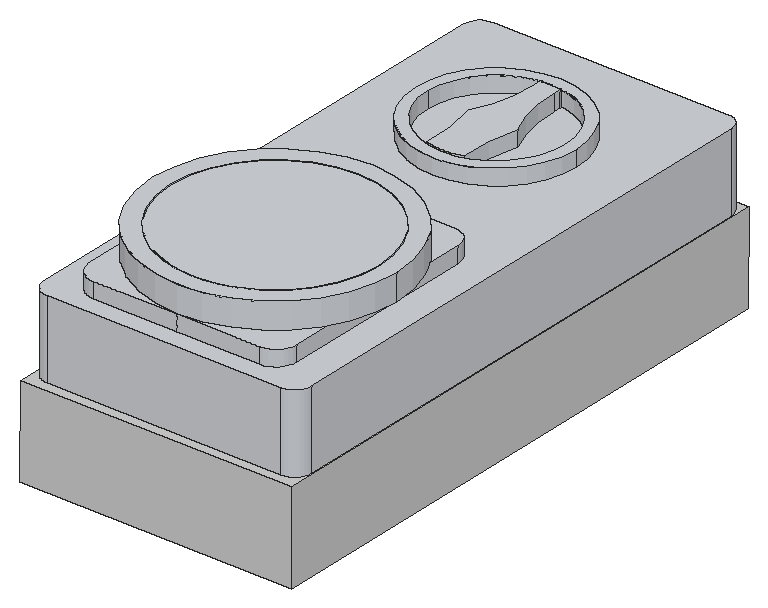
Revit family "Building-ConnessioniIEC309-GEWISS-67IB-PRESE-INTERBLOCCATE_IP67_CON_FONDO_FUS", category Apparecchi elettrici, host Superficie, Revit 2019
Family settings
  Host = Superficie
  Mantenere orientamento annotazione = Sì
  Quota connettore circolare = Usa diametro
  Tipo di parte = Normale
  Taglio con vuoti quando caricato = Sì
  Condiviso = Sì
  Punto di calcolo locali = Sì
Parameters (values of type "GW66258N - PR.BL IP67 C.F.3P+T 32A 380V 3H CBF")
  presa = Grigio RAL - 7035
  giallo = 0 mm
  dist_piano [instance] = 80 mm
  Vista_2d_pianta [instance] = yes
  Versione file RFA = "21.4"
  URL = "https://www.gewiss.com/it/it"
  Tipologia = "Verticale"
  Tipo fusibile = "Ø 10,3x38 mm"
  Termopressione con biglia = "125 °C (Presa IB) - 80 °C (Cassetta di fondo)"
  Tensione nominale: = "380 - 440 V"
  Tensione nominale di tenuta ad impulso = "4KV"
  Tensione nominale di isolamento (Ui) = "500V"
  Tensione nominale = "380 - 440 V"
  Temperatura di utilizzo = "-25 +40 °C"
  Temperatura di funzionamento = "-25 ÷ +40 °C"
  Struttura = Grigio RAL - 7035
  Simbolo presa = PRESAINDSTAGNA : 3P
  Simbolo [instance] = yes
  Simb_circuito [instance] = not(Simbolo)  # no
  Scheda Tecnica = "https://www.gewiss.com/it/it/search?q=GW66258N"
  SEO = "Presa"
  Riferimento h = "3"
  Resistenza agli urti = "IK08"
  Protezione = "Base portafusibile (CBF)"
  Default Elevation = 1219.2 mm
  Produttore = "GEWISS S.p.A."
  Potere di interruzione fusibili = "> 50 kA"
  Peso (kg) = "Max. 1,1 Kg"
  Peso = "Max. 1,1 Kg"
  Numero di poli = "3P+T"
  N. poli = "3P+T"
  Modello = "GW66258N"
  Immagine tipo = I.jpg
  IDT = "3a2f285e-e7b7-489c-a67e-4c14f132aefb"
  IDF = "f60054a8-4916-4fde-b3af-4822cbe090e7"
  Grado di protezione = "IP67"
  Glow wire test: = "850 °C (Presa IB) - 650 °C (Cassetta di fondo)"
  Glow Wire Test = "850 °C (Presa IB) - 650 °C (Cassetta di fondo)"
  Frequenza nominale (Hz) = "50/60 Hz"
  Frequenza = "50/60 Hz"
  Distanza x [instance] = -500 mm
  Distanza orizzontale simbolo [instance] = 100 mm
  Distanza effettiva x [instance] = 1500 mm - Distanza x  # 2000 mm
  Descrizione = "PR.BL IP67 C.F.3P+T 32A 380V 3H CBF"
  Creato da GEWISS S.p.A. = ""
  Corrente nominale di cortocircuito (Icc) = "10KA"
  Corrente nominale (In) presa IB = "28A"
  Corrente nominale (In) = "32"
  Corrente nominale (A) = "32"
  Corpo presa = Grigio RAL - 7035
  Cornice simbolo [instance] = yes
  Con fondo = "Si"
  Colore: = "Rosso"
  Colore = "Rosso"
  Codice Electrocod = "2222"
  Codice EAN = "8011564741539"
  Catalogo Serie = "67 IB"
  Catalogo = "BUILDING"
  COBie.Tagnumber = ""
  COBie.CreatedOn = ""
  COBie.CreatebBy = ""
  COBie.ComponentRegisterItemID = ""
  COBie.Component.TagNumber = ""
  COBie.Component.Space = ""
  COBie.Component.SerialNumber = ""
  COBie.Component.InstallationDate = ""
  COBie.Component.Description = ""
  COBie.Component.BarCode = ""
Types (23, lengths in mm): name | Tensione nominale: | Tensione nominale | Scheda Tecnica | Riferimento h | Peso (kg) | Peso | Numero di poli | N. poli | Modello | IDT | Descrizione | Corrente nominale (In) presa IB | Corrente nominale (In) | Corrente nominale (A) | Colore: | Colore | Codice EAN
  GW66223N - PR.BL IP67 C.F.2P+T 16A 110V 4H CBF | "100 - 130 V" | "100 - 130 V" | "https://www.gewiss.com/it/it/search?q=GW66223N" | "4" | "Max. 1,0 Kg" | "Max. 1,0 Kg" | "2P+T" | "2P+T" | "GW66223N" | "fa4eed03-31d8-4e28-a64f-20b019a506a7" | "PR.BL IP67 C.F.2P+T 16A 110V 4H CBF" | "16A" | "16" | "16" | "Giallo" | "Giallo" | "8011564741331"
  GW66224N - PR.BL IP67 C.F.3P+T 16A 110V 4H CBF | "100 - 130 V" | "100 - 130 V" | "https://www.gewiss.com/it/it/search?q=GW66224N" | "4" | "Max. 1,0 Kg" | "Max. 1,0 Kg" | "3P+T" | "3P+T" | "GW66224N" | "0a564fa3-3cef-4da4-9551-f50528e316ea" | "PR.BL IP67 C.F.3P+T 16A 110V 4H CBF" | "16A" | "16" | "16" | "Giallo" | "Giallo" | "8011564741348"
  GW66225N - PR.BL IP67 C.F.3P+N+T 16A 110V 4H CBF | "100 - 130 V" | "100 - 130 V" | "https://www.gewiss.com/it/it/search?q=GW66225N" | "4" | "Max. 1,0 Kg" | "Max. 1,0 Kg" | "3P+N+T" | "3P+N+T" | "GW66225N" | "988cc2de-b53f-436f-a8c9-de4916e125bc" | "PR.BL IP67 C.F.3P+N+T 16A 110V 4H CBF" | "16A" | "16" | "16" | "Giallo" | "Giallo" | "8011564741355"
  GW66226N - PR.BL IP67 C.F.2P+T 16A 230V 6H CBF | "200 - 250 V" | "200 - 250 V" | "https://www.gewiss.com/it/it/search?q=GW66226N" | "6" | "Max. 1,0 Kg" | "Max. 1,0 Kg" | "2P+T" | "2P+T" | "GW66226N" | "b9aec1ad-43a6-46ee-b8b7-fce0cc6f14b6" | "PR.BL IP67 C.F.2P+T 16A 230V 6H CBF" | "16A" | "16" | "16" | "Blu" | "Blu" | "8011564741362"
  GW66227N - PR.BL IP67 C.F.3P+T 16A 230V 9H CBF | "200 - 250 V" | "200 - 250 V" | "https://www.gewiss.com/it/it/search?q=GW66227N" | "9" | "Max. 1,0 Kg" | "Max. 1,0 Kg" | "3P+T" | "3P+T" | "GW66227N" | "52961728-1365-4bcc-bc75-4a28eb228f0f" | "PR.BL IP67 C.F.3P+T 16A 230V 9H CBF" | "16A" | "16" | "16" | "Blu" | "Blu" | "8011564741379"
  GW66228N - PR.BL IP67 C.F.3P+N+T 16A 230V 9H CBF | "200 - 250 V" | "200 - 250 V" | "https://www.gewiss.com/it/it/search?q=GW66228N" | "9" | "Max. 1,0 Kg" | "Max. 1,0 Kg" | "3P+N+T" | "3P+N+T" | "GW66228N" | "ac9b5afc-50ac-427e-bce5-7a54d7f5dc44" | "PR.BL IP67 C.F.3P+N+T 16A 230V 9H CBF" | "16A" | "16" | "16" | "Blu" | "Blu" | "8011564741386"
  GW66229N - PR.BL IP67 C.F.2P+T 16A 400V 9H CBF | "380 - 415 V" | "380 - 415 V" | "https://www.gewiss.com/it/it/search?q=GW66229N" | "9" | "Max. 1,0 Kg" | "Max. 1,0 Kg" | "2P+T" | "2P+T" | "GW66229N" | "9c62276f-1e71-4292-be15-fc32e9fcd854" | "PR.BL IP67 C.F.2P+T 16A 400V 9H CBF" | "16A" | "16" | "16" | "Rosso" | "Rosso" | "8011564741393"
  GW66230N - PR.BL IP67 C.F.3P+T 16A 400V 6H CBF | "380 - 415 V" | "380 - 415 V" | "https://www.gewiss.com/it/it/search?q=GW66230N" | "6" | "Max. 1,0 Kg" | "Max. 1,0 Kg" | "3P+T" | "3P+T" | "GW66230N" | "0ff9f2ea-39b8-42c3-a8e8-22c46614b70e" | "PR.BL IP67 C.F.3P+T 16A 400V 6H CBF" | "16A" | "16" | "16" | "Rosso" | "Rosso" | "8011564741409"
  GW66231N - PR.BL IP67 C.F.3P+N+T 16A 400V 6H CBF | "380 - 415 V" | "380 - 415 V" | "https://www.gewiss.com/it/it/search?q=GW66231N" | "6" | "Max. 1,0 Kg" | "Max. 1,0 Kg" | "3P+N+T" | "3P+N+T" | "GW66231N" | "150c8f31-35c1-4f26-9038-fd5d716b04a4" | "PR.BL IP67 C.F.3P+N+T 16A 400V 6H CBF" | "16A" | "16" | "16" | "Rosso" | "Rosso" | "8011564742543"
  GW66232N - PR.BL IP67 C.F.3P+T 16A 500V 7H CBF | "480 - 500 V" | "480 - 500 V" | "https://www.gewiss.com/it/it/search?q=GW66232N" | "7" | "Max. 1,0 Kg" | "Max. 1,0 Kg" | "3P+T" | "3P+T" | "GW66232N" | "7a81db9b-2ce7-4dae-922b-794821e35afb" | "PR.BL IP67 C.F.3P+T 16A 500V 7H CBF" | "16A" | "16" | "16" | "Nero" | "Nero" | "8011564741416"
  GW66233N - PR.BL IP67 C.F.3P+N+T 16A 500V 7H CBF | "480 - 500 V" | "480 - 500 V" | "https://www.gewiss.com/it/it/search?q=GW66233N" | "7" | "Max. 1,0 Kg" | "Max. 1,0 Kg" | "3P+N+T" | "3P+N+T" | "GW66233N" | "0c4c7745-404c-4ff8-88f7-8631fd7168d2" | "PR.BL IP67 C.F.3P+N+T 16A 500V 7H CBF" | "16A" | "16" | "16" | "Nero" | "Nero" | "8011564741423"
  GW66234N - PR.BL IP67 C.F.2P+T 32A 110V 4H CBF | "100 - 130 V" | "100 - 130 V" | "https://www.gewiss.com/it/it/search?q=GW66234N" | "4" | "Max. 1,1 Kg" | "Max. 1,1 Kg" | "2P+T" | "2P+T" | "GW66234N" | "a99f150c-cc79-4c38-9ac9-617582887cf3" | "PR.BL IP67 C.F.2P+T 32A 110V 4H CBF" | "32A" | "32" | "32" | "Giallo" | "Giallo" | "8011564741430"
  GW66235N - PR.BL IP67 C.F.3P+T 32A 110V 4H CBF | "100 - 130 V" | "100 - 130 V" | "https://www.gewiss.com/it/it/search?q=GW66235N" | "4" | "Max. 1,1 Kg" | "Max. 1,1 Kg" | "3P+T" | "3P+T" | "GW66235N" | "3a26cec9-b531-4f44-a95a-444ca4e9b113" | "PR.BL IP67 C.F.3P+T 32A 110V 4H CBF" | "28A" | "32" | "32" | "Giallo" | "Giallo" | "8011564741447"
  GW66236N - PR.BL IP67 C.F.3P+N+T 32A 110V 4H CBF | "100 - 130 V" | "100 - 130 V" | "https://www.gewiss.com/it/it/search?q=GW66236N" | "4" | "Max. 1,1 Kg" | "Max. 1,1 Kg" | "3P+N+T" | "3P+N+T" | "GW66236N" | "69dcfa51-02d3-46f6-bbba-2f44a5752abe" | "PR.BL IP67 C.F.3P+N+T 32A 110V 4H CBF" | "28A" | "32" | "32" | "Giallo" | "Giallo" | "8011564741454"
  GW66237N - PR.BL IP67 C.F.2P+T 32A 230V 6H CBF | "200 - 250 V" | "200 - 250 V" | "https://www.gewiss.com/it/it/search?q=GW66237N" | "6" | "Max. 1,1 Kg" | "Max. 1,1 Kg" | "2P+T" | "2P+T" | "GW66237N" | "24dfdfda-2efd-477f-97f3-f8cbd7e435df" | "PR.BL IP67 C.F.2P+T 32A 230V 6H CBF" | "32A" | "32" | "32" | "Blu" | "Blu" | "8011564742550"
  GW66238N - PR.BL IP67 C.F.3P+T 32A 230V 9H CBF | "200 - 250 V" | "200 - 250 V" | "https://www.gewiss.com/it/it/search?q=GW66238N" | "9" | "Max. 1,1 Kg" | "Max. 1,1 Kg" | "3P+T" | "3P+T" | "GW66238N" | "f90cc02e-777a-41ae-b548-d4c8d901f4bd" | "PR.BL IP67 C.F.3P+T 32A 230V 9H CBF" | "28A" | "32" | "32" | "Blu" | "Blu" | "8011564741461"
  GW66239N - PR.BL IP67 C.F.3P+N+T 32A 230V 9H CBF | "200 - 250 V" | "200 - 250 V" | "https://www.gewiss.com/it/it/search?q=GW66239N" | "9" | "Max. 1,1 Kg" | "Max. 1,1 Kg" | "3P+N+T" | "3P+N+T" | "GW66239N" | "82be392f-ab5c-42ac-9702-8243f18e5e05" | "PR.BL IP67 C.F.3P+N+T 32A 230V 9H CBF" | "28A" | "32" | "32" | "Blu" | "Blu" | "8011564741478"
  GW66240N - PR.BL IP67 C.F.2P+T 32A 400V 9H CBF | "380 - 415 V" | "380 - 415 V" | "https://www.gewiss.com/it/it/search?q=GW66240N" | "9" | "Max. 1,1 Kg" | "Max. 1,1 Kg" | "2P+T" | "2P+T" | "GW66240N" | "70891f68-9d11-4e15-9055-6e459ec33866" | "PR.BL IP67 C.F.2P+T 32A 400V 9H CBF" | "32A" | "32" | "32" | "Rosso" | "Rosso" | "8011564741485"
  GW66241N - PR.BL IP67 C.F.3P+T 32A 400V 6H CBF | "380 - 415 V" | "380 - 415 V" | "https://www.gewiss.com/it/it/search?q=GW66241N" | "6" | "Max. 1,1 Kg" | "Max. 1,1 Kg" | "3P+T" | "3P+T" | "GW66241N" | "95c862d1-6ea5-46a8-95f4-fd8421981ece" | "PR.BL IP67 C.F.3P+T 32A 400V 6H CBF" | "28A" | "32" | "32" | "Rosso" | "Rosso" | "8011564741492"
  GW66242N - PR.BL IP67 C.F.3P+N+T 32A 400V 6H CBF | "380 - 415 V" | "380 - 415 V" | "https://www.gewiss.com/it/it/search?q=GW66242N" | "6" | "Max. 1,1 Kg" | "Max. 1,1 Kg" | "3P+N+T" | "3P+N+T" | "GW66242N" | "f6a8ac16-9c06-4f19-b1c4-9672fdc5f555" | "PR.BL IP67 C.F.3P+N+T 32A 400V 6H CBF" | "28A" | "32" | "32" | "Rosso" | "Rosso" | "8011564742567"
  GW66243N - PR.BL IP67 C.F.3P+T 32A 500V 7H CBF | "480 - 500 V" | "480 - 500 V" | "https://www.gewiss.com/it/it/search?q=GW66243N" | "7" | "Max. 1,1 Kg" | "Max. 1,1 Kg" | "3P+T" | "3P+T" | "GW66243N" | "f6ce0a0c-3cde-4b8c-ad31-0f382c507b8d" | "PR.BL IP67 C.F.3P+T 32A 500V 7H CBF" | "28A" | "32" | "32" | "Nero" | "Nero" | "8011564741508"
  GW66244N - PR.BL IP67 C.F.3P+N+T 32A 500V 7H CBF | "480 - 500 V" | "480 - 500 V" | "https://www.gewiss.com/it/it/search?q=GW66244N" | "7" | "Max. 1,1 Kg" | "Max. 1,1 Kg" | "3P+N+T" | "3P+N+T" | "GW66244N" | "375c8392-af65-45a1-933e-8de0f1dcd445" | "PR.BL IP67 C.F.3P+N+T 32A 500V 7H CBF" | "28A" | "32" | "32" | "Nero" | "Nero" | "8011564741515"
  GW66258N - PR.BL IP67 C.F.3P+T 32A 380V 3H CBF | "380 - 440 V" | "380 - 440 V" | "https://www.gewiss.com/it/it/search?q=GW66258N" | "3" | "Max. 1,1 Kg" | "Max. 1,1 Kg" | "3P+T" | "3P+T" | "GW66258N" | "3a2f285e-e7b7-489c-a67e-4c14f132aefb" | "PR.BL IP67 C.F.3P+T 32A 380V 3H CBF" | "28A" | "32" | "32" | "Rosso" | "Rosso" | "8011564741539"
Reference planes
  plane 1 "Centro (Fronte/Retro)": y = 0
  plane 2: z = 0
  plane 3 "Centro (Sinistra/Destra)": x = 0
  plane 4: z = -2
  plane 5: x = 500
  plane 6: x = -1500
  plane 7: x = 500
  plane 8: through (-170.762, -4572, -38.353) normal (-0.6157, 0, 0.788)
  plane 9: x = -51.152
  plane 10: x = 53.222
  plane 11: z = 113
  plane 12: y = -110
  plane 13: y = 110
  plane 14: z = 78
  plane 15: z = 160
Forms (mm)
  Extrusion 1, solid, detail levels coarse
    sketch origin (0, 0, 0) x (1, 0, 0) y (0, 0, 1)
      loop
        line (-51.152, 160) -> (-51.152, 78) -> (53.222, 78) -> (53.222, 160) -> (-51.152, 160)
    from -108.895 to 109.105
  Extrusion 2, solid, material "Grigio RAL - 7035" <- "Struttura"
    sketch origin (0, 0, 0) x (0, 1, 0) y (0, 0, 1)
      loop
        line (-110, 78) -> (110, 78) -> (110, 113) -> (-110, 113) -> (-110, 78)
    from -51.152 to 53.222
Lines and regions (mm)
  Masking region 1, visible <- "Vista_2d_pianta"
    outline origin (0, 0, 0) x (1, 0, 0) y (0, 0, 1)
      loop
        line (-50.384, 143) -> (-50.384, 113) -> (52.616, 113) -> (52.616, 143) -> (-50.384, 143)
  Masking region 2, visible <- "Vista_2d_pianta"
    outline origin (0, 0, 0) x (1, 0, 0) y (0, 0, 1)
      loop
        line (-40, 149) -> (-40, 143) -> (40, 143) -> (40, 149) -> (-40, 149)
  Masking region 3, visible <- "Vista_2d_pianta"
    outline origin (0, 0, 0) x (1, 0, 0) y (0, 0, 1)
      loop
        line (-46.899, 149) -> (46.899, 149) -> (46.899, 159) -> (-46.899, 159) -> (-46.899, 149)
  Masking region 4, visible <- "Vista_2d_pianta"
    outline origin (0, 0, 0) x (1, 0, 0) y (0, 0, 1)
      loop
        line (-51.152, 78) -> (53.222, 78) -> (53.222, 113) -> (-51.152, 113) -> (-51.152, 78)
Dimensions and locks
  locked: plane 2 to plane 4 at 2
  "Distanza effettiva x": plane 5 to plane 6
  plane 3 "Centro (Sinistra/Destra)" to plane 6 = 1500 mm
  plane 6 to plane 5 = 2000 mm
  "Distanza effettiva x": plane 6 to plane 7
  locked: plane 9 to Masking region 1 at 0.768
  locked: Masking region 1 to plane 10 at 0.606
  "dist_piano": plane 14 to plane 4
  equal spacing: plane 12, plane 1 "Centro (Fronte/Retro)", plane 13
  locked: plane 12 to plane 13 at 220
  locked: plane 11 to plane 14 at 35
  locked: plane 15 to plane 11 at 47
  angle plane 8 to plane 4 = 142.00°
  angle plane 7 to plane 8 = 128.00°
  aligned and locked: plane 2 to host face
  aligned and locked: level to host face
  aligned and locked: plane 3 "Centro (Sinistra/Destra)" to nested 1
  aligned and locked: Masking region 1 sketch curve to nested 1  (x4)
  aligned and locked: Masking region 2 sketch curve to nested 1  (x4)
  aligned and locked: plane 9 to Extrusion 1 sketch curve
  aligned and locked: plane 10 to Extrusion 1 sketch curve
  aligned and locked: nested 1 to plane 11
  aligned and locked: Masking region 3 sketch curve to nested 1  (x4)
  aligned and locked: Extrusion 2 sketch curve to plane 14
  aligned and locked: Extrusion 2 sketch curve to plane 12
  aligned and locked: Extrusion 2 sketch curve to plane 11
  aligned and locked: Extrusion 2 sketch curve to plane 13
  aligned and locked: plane 9 to Extrusion 2
  aligned and locked: Extrusion 2 to plane 10
  aligned and locked: Extrusion 1 to plane 14
  aligned and locked: Masking region 4 sketch curve to Extrusion 1
  aligned and locked: Extrusion 1 to Masking region 4 sketch curve
  aligned and locked: Masking region 4 sketch curve to Extrusion 2  (x2)
  aligned and locked: plane 15 to Extrusion 1
  aligned and locked: plane 7 to nested 2
  aligned and locked: plane 7 to nested 3
Automatic sketch dimensions
  host sketch curve to host sketch curve = 2438.4 mm  (x2)
  Extrusion 1 sketch curve to plane 11 = 35 mm
  plane 11 to Extrusion 1 sketch curve = 47 mm
Nested families
  nested 1: "IB PRESE INTERBLOC VERT_NO FONDO" at (0, 0, 113), type "IB PRESE INTERBLOC VERT_NO FONDO", detail levels medium+fine
  nested 2: "simbolo_circuito" at (500, 30.442, 0), Distanza dal muro <- "Distanza orizzontale simbolo", SIMBOLO ACCESO <- "Simb_circuito", type "3P"
    with SIMBOLO ACCESO no, Distanza dal muro 100 mm, BORDO ACCESO yes
  nested 3: "PRESAINDSTAGNA" at (500, 23.722, 0), Distanza dal muro <- "Distanza orizzontale simbolo", SIMBOLO ACCESO <- "Simbolo", type "3P"
    with SIMBOLO ACCESO yes, Distanza dal muro 100 mm, BORDO ACCESO yes
Definition of nested family "IB PRESE INTERBLOC VERT_NO FONDO"
  Parameters (values of type "IB PRESE INTERBLOC VERT_NO FONDO")
    corpo presa = none
    Struttura = none
    Spessore = 30 mm
    Raggio = 40 mm
    Default Elevation = 14 mm
    Presa = none
    Lunghezza = 103 mm
    IFC.TypeObject = ""
    IFC.ExportType = ""
    IFC.ExportAs = ""
    H_da terra = 586.883 mm
    COBie.CreatedOn = ""
    COBie.CreatebBy = ""
    COBie.ComponentRegisterItemID = ""
    COBie.Component.TagNumber = ""
    COBie.Component.Space = ""
    COBie.Component.SerialNumber = ""
    COBie.Component.InstallationDate = ""
    COBie.Component.Description = ""
    COBie.Component.BarCode = ""
    Altezza = 220 mm
  Reference planes
    plane 1 "Centro (Fronte/Retro)": y = 0
    plane 2: z = 0
    plane 3 "Centro (Sinistra/Destra)": x = 0
    plane 4: z = 6.883
    plane 5: z = 10.499
    plane 6 "presa": z = 46
    plane 7: z = 36
    plane 8: z = 30
    plane 9: x = -40
    plane 10: x = 40
    plane 11: y = -5.355
    plane 12: y = -98.612
    plane 13: y = -51.359
  Forms (mm)
    Extrusion 1, solid, material <- "Struttura"
      sketch origin (0, -697.104, -30) x (1, 0, 0) y (0, 1, 0)
        loop
          line (-0.408, 691.748) -> (-32.003, 691.748)
          spline (-32.003, 691.748) -> (-33.047, 691.681) -> (-34.073, 691.48) -> (-35.063, 691.148) -> (-36.002, 690.693) -> (-36.871, 690.12) -> (-37.658, 689.441) -> (-38.347, 688.666) -> (-38.929, 687.809) -> (-39.391, 686.885) -> (-39.728, 685.909) -> (-39.932, 684.898) -> (-40, 683.87)
          line (-40, 683.87) -> (-40, 606.37)
          spline (-40, 606.37) -> (-39.932, 605.341) -> (-39.728, 604.331) -> (-39.391, 603.355) -> (-38.929, 602.43) -> (-38.347, 601.574) -> (-37.658, 600.799) -> (-36.871, 600.119) -> (-36.002, 599.547) -> (-35.063, 599.091) -> (-34.073, 598.76) -> (-33.047, 598.559) -> (-32.003, 598.491)
          line (-32.003, 598.491) -> (0, 598.491) -> (32.003, 598.491)
          spline (32.003, 598.491) -> (33.047, 598.559) -> (34.073, 598.76) -> (35.063, 599.091) -> (36.002, 599.547) -> (36.871, 600.119) -> (37.658, 600.799) -> (38.347, 601.574) -> (38.929, 602.43) -> (39.391, 603.355) -> (39.728, 604.331) -> (39.932, 605.341) -> (40, 606.37)
          line (40, 606.37) -> (40, 683.87)
          spline (40, 683.87) -> (39.932, 684.898) -> (39.728, 685.909) -> (39.391, 686.885) -> (38.929, 687.809) -> (38.347, 688.666) -> (37.658, 689.441) -> (36.871, 690.12) -> (36.002, 690.693) -> (35.063, 691.148) -> (34.073, 691.48) -> (33.047, 691.681) -> (32.003, 691.748)
          line (32.003, 691.748) -> (-0.408, 691.748)
      from 60 to 66
    Extrusion 2, solid, material <- "Presa"
      sketch origin (0, -700.854, -30) x (1, 0, 0) y (0, 1, 0)
        loop
          circle (0, 649.495) r 46.899
        loop
          circle (0, 649.495) r 40
      from 66 to 76
    Extrusion 3, solid, material <- "Struttura"
      sketch origin (0, -697.104, -30) x (1, 0, 0) y (0, 1, 0)
        loop
          circle (0, 752.384) r 30.831
        loop
          circle (0, 752.384) r 26.483
      from 60 to 66
    Extrusion 4, solid, material <- "Struttura"
      sketch origin (0, -697.104, -30) x (1, 0, 0) y (0, 1, 0)
        loop
          arc (-9.552, 750.899) -> (-7.429, 739.645) -> (-7.314, 728.193) r 64.983
          arc (-7.314, 728.193) -> (-0.131, 727.067) -> (7.064, 728.115) r 24.316
          arc (7.064, 728.115) -> (7.302, 739.566) -> (9.547, 750.796) r 64.983
          arc (9.547, 750.796) -> (5.519, 762.425) -> (4.215, 774.661) r 54.251
          line (4.215, 774.661) -> (4.25, 777.658)
          arc (4.25, 777.658) -> (3.985, 778.329) -> (3.336, 778.647) r 1
          arc (3.336, 778.647) -> (0.147, 778.794) -> (-3.043, 778.682) r 39.364
          arc (-3.043, 778.682) -> (-3.695, 778.371) -> (-3.967, 777.702) r 1
          line (-3.967, 777.702) -> (-3.964, 774.706)
          arc (-3.964, 774.706) -> (-5.4, 762.483) -> (-9.552, 750.899) r 54.251
      from 60 to 66
    Extrusion 5, solid, material <- "corpo presa"
      sketch origin (-2.5, -699.604, -30) x (1, 0, 0) y (0, 1, 0)
        loop
          arc (55.116, 802.193) -> (53.269, 806.652) -> (48.81, 808.499) r 6.306
          line (48.81, 808.499) -> (-41.578, 808.499)
          arc (-41.578, 808.499) -> (-46.037, 806.652) -> (-47.884, 802.193) r 6.306
          line (-47.884, 802.193) -> (-47.884, 600.052)
          arc (-47.884, 600.052) -> (-45.976, 595.446) -> (-41.369, 593.537) r 6.515
          line (-41.369, 593.537) -> (48.601, 593.537)
          arc (48.601, 593.537) -> (53.208, 595.446) -> (55.116, 600.052) r 6.515
          line (55.116, 600.052) -> (55.116, 802.193)
      from 30 to 60
    Extrusion 6, solid, material <- "Struttura", not visible
      sketch origin (0, 47.014, -580) x (1, 0, 0) y (0, 0, 1)
        loop
          line (-0.408, 691.748) -> (-29.506, 691.748)
          spline (-29.506, 691.748) -> (-30.55, 691.681) -> (-31.576, 691.48) -> (-32.567, 691.148) -> (-33.505, 690.693) -> (-34.375, 690.12) -> (-35.161, 689.441) -> (-35.851, 688.666) -> (-36.432, 687.809) -> (-36.895, 686.885) -> (-37.231, 685.909) -> (-37.435, 684.898) -> (-37.503, 683.87)
          line (-37.503, 683.87) -> (-37.503, 615.12)
          spline (-37.503, 615.12) -> (-37.435, 614.091) -> (-37.231, 613.081) -> (-36.895, 612.105) -> (-36.432, 611.18) -> (-35.851, 610.324) -> (-35.161, 609.549) -> (-34.375, 608.869) -> (-33.505, 608.297) -> (-32.567, 607.841) -> (-31.576, 607.51) -> (-30.55, 607.309) -> (-29.506, 607.241)
          line (-29.506, 607.241) -> (0, 607.241) -> (29.506, 607.241)
          spline (29.506, 607.241) -> (30.55, 607.309) -> (31.576, 607.51) -> (32.567, 607.841) -> (33.505, 608.297) -> (34.375, 608.869) -> (35.161, 609.549) -> (35.851, 610.324) -> (36.432, 611.18) -> (36.895, 612.105) -> (37.231, 613.081) -> (37.435, 614.091) -> (37.503, 615.12)
          line (37.503, 615.12) -> (37.503, 683.87)
          spline (37.503, 683.87) -> (37.435, 684.898) -> (37.231, 685.909) -> (36.895, 686.885) -> (36.432, 687.809) -> (35.851, 688.666) -> (35.161, 689.441) -> (34.375, 690.12) -> (33.505, 690.693) -> (32.567, 691.148) -> (31.576, 691.48) -> (30.55, 691.681) -> (29.506, 691.748)
          line (29.506, 691.748) -> (-0.408, 691.748)
      from 51.991 to 55.821
    Extrusion 7, solid, material <- "Presa", not visible
      sketch origin (0, 47.014, -580) x (1, 0, 0) y (0, 0, 1)
        loop
          circle (0, 646.456) r 46.899
      from 55.821 to 62.709
    Extrusion 8, solid, material <- "Struttura", not visible
      sketch origin (0, 47.014, -580) x (1, 0, 0) y (0, 0, 1)
        loop
          circle (0, 752.384) r 30.831
        loop
          circle (0, 752.384) r 26.483
      from 51.991 to 62.709
    Extrusion 9, solid, material <- "Struttura", not visible
      sketch origin (0, 47.014, -580) x (1, 0, 0) y (0, 0, 1)
        loop
          arc (-9.552, 750.899) -> (-7.429, 739.645) -> (-7.314, 728.193) r 64.983
          arc (-7.314, 728.193) -> (-0.131, 727.067) -> (7.064, 728.115) r 24.316
          arc (7.064, 728.115) -> (7.302, 739.566) -> (9.547, 750.796) r 64.983
          arc (9.547, 750.796) -> (5.519, 762.425) -> (4.215, 774.661) r 54.251
          line (4.215, 774.661) -> (4.25, 777.658)
          arc (4.25, 777.658) -> (3.985, 778.329) -> (3.336, 778.647) r 1
          arc (3.336, 778.647) -> (0.147, 778.794) -> (-3.043, 778.682) r 39.364
          arc (-3.043, 778.682) -> (-3.695, 778.371) -> (-3.967, 777.702) r 1
          line (-3.967, 777.702) -> (-3.964, 774.706)
          arc (-3.964, 774.706) -> (-5.4, 762.483) -> (-9.552, 750.899) r 54.251
      from 51.991 to 62.709
    Extrusion 10, solid, material <- "corpo presa", not visible
      sketch origin (0, 47.014, -580) x (1, 0, 0) y (0, 0, 1)
        loop
          arc (47.884, 796.962) -> (46.037, 801.42) -> (41.578, 803.267) r 6.306
          line (41.578, 803.267) -> (-41.578, 803.267)
          arc (-41.578, 803.267) -> (-46.037, 801.42) -> (-47.884, 796.962) r 6.306
          line (-47.884, 796.962) -> (-47.884, 597.014)
          arc (-47.884, 597.014) -> (-45.976, 592.407) -> (-41.369, 590.499) r 6.515
          line (-41.369, 590.499) -> (41.369, 590.499)
          arc (41.369, 590.499) -> (45.976, 592.407) -> (47.884, 597.014) r 6.515
          line (47.884, 597.014) -> (47.884, 796.962)
      from 30 to 51.991
    Extrusion 11, solid, material <- "Struttura"
      sketch origin (1.116, -3.75, 0) x (1, 0, 0) y (0, 1, 0)
        loop
          circle (-1.116, -47.609) r 40
      from 36 to 46
  Lines and regions (mm)
    symbolic lines
      curve 1: line (0, 0, 46) -> (0, -106.066, 46)
      curve 2: line (-40, -51.359, 46) -> (40, -51.359, 46)
  Dimensions and locks
    locked: plane 5 to plane 4 at 3.616
    Extrusion 5 sketch curve to Extrusion 5 sketch curve = 103 mm
    plane 6 "presa" to plane 2 = 46 mm
    locked: plane 7 to plane 6 "presa" at 10
    plane 8 to plane 2 = 30 mm
    locked: plane 8 to plane 7 at 6
    equal spacing: plane 9, plane 3 "Centro (Sinistra/Destra)", plane 10
    locked: plane 9 to plane 10 at 80
    Extrusion 1 to Extrusion 1 = 93.257 mm
    "Raggio": radius of Extrusion 11 sketch curve
    "Raggio": radius of Extrusion 2 sketch curve
    aligned and locked: level to plane 2
    aligned and locked: Extrusion 3 to Extrusion 5
    aligned and locked: Extrusion 4 to Extrusion 3
    aligned and locked: Extrusion 3 to Extrusion 4
    aligned and locked: Extrusion 2 to Extrusion 1
    aligned and locked: Extrusion 5 to level
    aligned and locked: plane 6 "presa" to Extrusion 2
    aligned and locked: Extrusion 11 to Extrusion 1
    aligned and locked: plane 6 "presa" to Extrusion 11
    aligned and locked: Extrusion 1 to plane 7
    aligned and locked: Extrusion 5 to plane 8
    aligned and locked: plane 8 to Extrusion 1
    aligned and locked: Extrusion 3 to plane 7
    aligned and locked: curve 1 to plane 3 "Centro (Sinistra/Destra)"
    aligned and locked: Extrusion 1 sketch curve to plane 9
    aligned and locked: Extrusion 1 sketch curve to plane 10
    aligned and locked: plane 12 to Extrusion 1 sketch curve
    aligned and locked: curve 2 to plane 13
    aligned and locked: plane 3 "Centro (Sinistra/Destra)" to Extrusion 11 sketch curve
    aligned and locked: plane 13 to Extrusion 11 sketch curve
  Automatic sketch dimensions
    Extrusion 1 sketch curve to plane 3 "Centro (Sinistra/Destra)" = 0 mm
    Extrusion 1 sketch curve to plane 3 "Centro (Sinistra/Destra)" = 0.408 mm
    Extrusion 1 sketch curve to Extrusion 1 sketch curve = 32.003 mm
    plane 1 "Centro (Fronte/Retro)" to Extrusion 1 sketch curve = 5.355 mm
    Extrusion 1 sketch curve to Extrusion 1 sketch curve = 7.997 mm  (x2)
    plane 3 "Centro (Sinistra/Destra)" to Extrusion 1 sketch curve = 32.003 mm
    Extrusion 1 sketch curve to Extrusion 1 sketch curve = 7.878 mm  (x3)
    Extrusion 3 sketch curve to Extrusion 3 sketch curve = 0 mm  (x2)
    Extrusion 3 sketch curve to plane 3 "Centro (Sinistra/Destra)" = 0 mm
    Extrusion 3 sketch curve to plane 1 "Centro (Fronte/Retro)" = 55.28 mm
    Extrusion 4 sketch curve to plane 3 "Centro (Sinistra/Destra)" = 0 mm
    Extrusion 4 sketch curve to plane 3 "Centro (Sinistra/Destra)" = 0.064 mm
    Extrusion 4 sketch curve to plane 3 "Centro (Sinistra/Destra)" = 2.967 mm
    Extrusion 4 sketch curve to Extrusion 4 sketch curve = 0.997 mm
    Extrusion 4 sketch curve to Extrusion 4 sketch curve = 1 mm  (x2)
    Extrusion 4 sketch curve to Extrusion 4 sketch curve = 54.251 mm
    Extrusion 4 sketch curve to Extrusion 4 sketch curve = 13.883 mm
    plane 3 "Centro (Sinistra/Destra)" to Extrusion 4 sketch curve = 3.25 mm
    Extrusion 4 sketch curve to Extrusion 4 sketch curve = 0.965 mm
    Extrusion 4 sketch curve to Extrusion 4 sketch curve = 54.25 mm
    Extrusion 4 sketch curve to Extrusion 4 sketch curve = 13.435 mm
    Extrusion 4 sketch curve to plane 1 "Centro (Fronte/Retro)" = 35.393 mm
    Extrusion 4 sketch curve to plane 1 "Centro (Fronte/Retro)" = 36.167 mm
    Extrusion 4 sketch curve to plane 1 "Centro (Fronte/Retro)" = 42.327 mm
    Extrusion 4 sketch curve to Extrusion 4 sketch curve = 11.953 mm
    Extrusion 4 sketch curve to Extrusion 4 sketch curve = 41.757 mm
    Extrusion 4 sketch curve to Extrusion 4 sketch curve = 23.278 mm
    Extrusion 4 sketch curve to Extrusion 4 sketch curve = 0.044 mm
    Extrusion 4 sketch curve to Extrusion 4 sketch curve = 41.61 mm
    Extrusion 4 sketch curve to Extrusion 4 sketch curve = 2.99 mm
    Extrusion 4 sketch curve to Extrusion 4 sketch curve = 0.007 mm
    Extrusion 4 sketch curve to Extrusion 4 sketch curve = 2.979 mm
    Extrusion 4 sketch curve to Extrusion 4 sketch curve = 0.018 mm
    Extrusion 4 sketch curve to Extrusion 4 sketch curve = 0 mm
    Extrusion 4 sketch curve to plane 3 "Centro (Sinistra/Destra)" = 7.314 mm
    Extrusion 4 sketch curve to Extrusion 4 sketch curve = 9.552 mm
    plane 3 "Centro (Sinistra/Destra)" to Extrusion 4 sketch curve = 7.064 mm
    Extrusion 5 sketch curve to plane 3 "Centro (Sinistra/Destra)" = 50.384 mm
    Extrusion 5 sketch curve to Extrusion 5 sketch curve = 6.306 mm  (x2)
    Extrusion 5 sketch curve to Extrusion 5 sketch curve = 6.515 mm  (x2)
    Extrusion 5 sketch curve to plane 1 "Centro (Fronte/Retro)" = 102.59 mm
    Extrusion 1 sketch curve to plane 12 = 7.878 mm
    plane 12 to Extrusion 5 sketch curve = 0.939 mm
    plane 1 "Centro (Fronte/Retro)" to curve 1 = 0 mm
    curve 2 to plane 9 = 0 mm
    curve 2 to plane 10 = 0 mm
    plane 12 to curve 1 = 7.454 mm
    Extrusion 2 sketch curve to Extrusion 2 sketch curve = 0 mm  (x2)
    Extrusion 2 sketch curve to plane 3 "Centro (Sinistra/Destra)" = 0 mm
    Extrusion 2 sketch curve to plane 13 = 0 mm
    radius of Extrusion 3 sketch curve = 30.831 mm
    radius of Extrusion 3 sketch curve = 26.483 mm
    radius of Extrusion 2 sketch curve = 46.899 mm
Definition of nested family "simbolo_circuito"
  Parameters (values of type "3P")
    SIMBOLO ACCESO [instance] = yes
    SIMBOLO = PRESAINDSTAGNA_BASE : 3P
    Distanza dal muro [instance] = 0 mm
    BORDO ACCESO [instance] = yes
  Reference planes
    plane 1: y = 0
    plane 2: x = 0
  Dimensions and locks
    "Distanza dal muro": plane 1 to nested 1
    aligned and locked: plane 2 to nested 1
  Nested families
    nested 1: "simb_base_di circuito" at (0, 0, 0), visible <- "SIMBOLO ACCESO", type "3P"
      with CORNICE SIMBOLO yes
  Definition of nested family "simb_base_di circuito"
    Parameters (values of type "3P")
      CORNICE SIMBOLO [instance] = yes
      3P = yes
    Types (2, lengths in mm): name | 3P
      3P | yes
      2P | no
    Reference planes
      plane 1: y = 0
      plane 2: x = 0
    Lines and regions (mm)
      detail lines, not visible
        curve 1: line (-2.443, 10.208, 0) -> (2.057, 10.208, 0)
        curve 2: line (2.057, 10.208, 0) -> (2.057, 4.208, 0)
        curve 3: line (2.057, 4.208, 0) -> (-2.443, 4.208, 0)
        curve 4: line (-2.443, 4.208, 0) -> (-2.443, 10.208, 0)
        curve 5: line (-2.043, 9.808, 0) -> (1.657, 9.808, 0)
        curve 6: line (1.657, 9.808, 0) -> (1.657, 4.608, 0)
        curve 7: line (1.657, 4.608, 0) -> (-2.043, 4.608, 0)
        curve 8: line (-2.043, 4.608, 0) -> (-2.043, 9.808, 0)
    Dimensions and locks
      aligned and locked: import instance to plane 2
      aligned and locked: plane 1 to import instance
Definition of nested family "PRESAINDSTAGNA"
  Parameters (values of type "3P")
    SIMBOLO ACCESO [instance] = yes
    SIMBOLO = PRESAINDSTAGNA_BASE : 3P
    Distanza dal muro [instance] = 0 mm
    BORDO ACCESO [instance] = yes
  Types (2): name
    2P
    3P
  Reference planes
    plane 1: y = 0
    plane 2: x = 0
  Dimensions and locks
    "Distanza dal muro": plane 1 to nested 1
    aligned and locked: plane 2 to nested 1
  Nested families
    nested 1: "PRESAINDSTAGNA_BASE" at (0, 0, 0), type <- "SIMBOLO", CORNICE SIMBOLO <- "BORDO ACCESO", visible <- "SIMBOLO ACCESO", type "3P"
  Definition of nested family "PRESAINDSTAGNA_BASE"
    Parameters (values of type "3P")
      CORNICE SIMBOLO [instance] = yes
      3P = yes
    Types (2, lengths in mm): name | 3P
      3P | yes
      2P | no
    Reference planes
      plane 1: y = 0
      plane 2: x = 0
    Lines and regions (mm)
      detail lines, not visible
        curve 1: line (-2.443, 10.208, 0) -> (2.057, 10.208, 0)
        curve 2: line (2.057, 10.208, 0) -> (2.057, 4.208, 0)
        curve 3: line (2.057, 4.208, 0) -> (-2.443, 4.208, 0)
        curve 4: line (-2.443, 4.208, 0) -> (-2.443, 10.208, 0)
        curve 5: line (-2.043, 9.808, 0) -> (1.657, 9.808, 0)
        curve 6: line (1.657, 9.808, 0) -> (1.657, 4.608, 0)
        curve 7: line (1.657, 4.608, 0) -> (-2.043, 4.608, 0)
        curve 8: line (-2.043, 4.608, 0) -> (-2.043, 9.808, 0)
      detail lines
        curve 9: line (-0.333, 0.928, 0) -> (-0.05, 0.928, 0)
        curve 10: line (-0.05, 0.928, 0) -> (0.417, 1.737, 0)
        curve 11: line (0.417, 1.737, 0) -> (0.764, 1.537, 0)
        curve 12: line (-0.05, 0.928, 0) -> (-0.333, 0.437, 0)
        curve 13: line (-0.333, 0.437, 0) -> (-0.333, 2.059, 0)
        curve 14: line (0.222, 1.399, 0) -> (0.569, 1.199, 0)
        curve 15: line (-0.723, 0.437, 0) -> (0.057, 0.437, 0)
        curve 16: line (-0.333, 0.81, 0) -> (-0.216, 0.928, 0)
        curve 17: line (-0.333, 0.741, 0) -> (-0.147, 0.928, 0)
        curve 18: line (-0.333, 0.672, 0) -> (-0.078, 0.928, 0)
        curve 19: line (-0.333, 0.603, 0) -> (-0.106, 0.831, 0)
        curve 20: line (-0.333, 0.534, 0) -> (-0.2, 0.668, 0)
        curve 22: arc (-0.723, 0.047, 0) -> (-0.333, 0.437, 0) -> (0.057, 0.047, 0) r 0.39
        curve 23: line (-0.8, 2.1, 0) -> (0.8, 2.1, 0)
        curve 24: line (-0.8, 0, 0) -> (-0.8, 2.1, 0)
        curve 25: line (0.8, 0, 0) -> (-0.8, 0, 0)
        curve 26: line (0.8, 2.1, 0) -> (0.8, 0, 0)
      detail lines, visible <- "3P"
        curve 21: line (0.028, 1.061, 0) -> (0.374, 0.861, 0)
